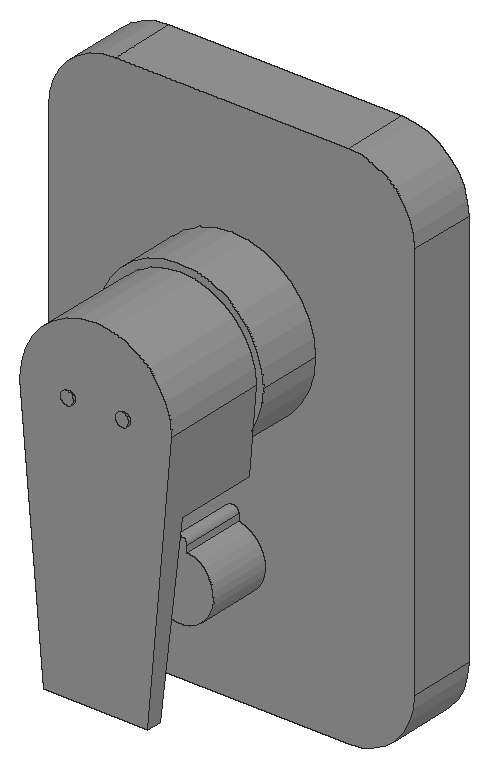
Revit family "Kohler Pich K-74041IN-4FP-CP Family", category Plumbing Fixtures, Revit 2019
Family settings
  Round Connector Dimension = Use Diameter
  Part Type = Normal
  Work Plane-Based = Yes
  Always vertical = Yes
  Cut with Voids When Loaded = No
  Shared = No
  Room Calculation Point = No
Parameters (values of type "Kohler Pich K-74041IN-4FP-CP")
  Width = 110 mm
  URL = "www.africa.kohler.com"
  Thickness = 71 mm
  Telephone = "011 050 9000"  # constant formula
  Model = "Kohler Pich K-74041IN-4FP-CP"  # constant formula
  Material 3 = Blue
  Material 2 = Red
  Material = Chrome
  Manufacturer = "Kohler Co."  # constant formula
  Height = 160 mm
  Email = "contact.africa@kohler.com"  # constant formula
  Disclaimer = "Although care has been taken to ensure, to the best of our knowledge, that all data and information contained herein is accurate to the extent that it relates to either matters of fact or accepted practice at the time of issue. MDFC (Pty) Ltd assumes no responsibility for any errors in, or misinterpretation of, such data and/ or information or any loss or damage arising from, or related to its use."  # constant formula
  Default Elevation = 1219.2 mm
  Company Address = "Block C Unit 2, Coachman’s Crossing Office Park, 4 Brian St, Lyme Park, Johannesburg, 2191"  # constant formula
Reference planes
  plane 1 "Center (Front/Back)": y = 0
  plane 2: z = 0
  plane 3 "Center (Left/Right)": x = 0
  plane 4: y = -71
Forms (mm)
  Extrusion 1, solid, material "Chrome" <- "Material"
    sketch origin (0, 0, 0) x (1, 0, 0) y (0, 0, 1)
      loop
        arc (95.953, 94.667) -> (101.811, 80.525) -> (115.953, 74.667) r 20
        line (115.953, 74.667) -> (185.953, 74.667)
        arc (185.953, 74.667) -> (200.095, 80.525) -> (205.953, 94.667) r 20
        line (205.953, 94.667) -> (205.953, 214.667)
        arc (205.953, 214.667) -> (200.095, 228.809) -> (185.953, 234.667) r 20
        line (185.953, 234.667) -> (115.953, 234.667)
        arc (115.953, 234.667) -> (101.811, 228.809) -> (95.953, 214.667) r 20
        line (95.953, 214.667) -> (95.953, 94.667)
    from 0 to 20
  Extrusion 2, solid, material "Chrome" <- "Material"
    sketch origin (0, 0, 0) x (1, 0, 0) y (0, 0, 1)
      loop
        circle (150.953, 175.083) r 25
    from 20 to 39.423
  Extrusion 3, solid, material "Chrome" <- "Material"
    sketch origin (0, 0, 0) x (1, 0, 0) y (0, 0, 1)
      loop
        arc (173.736, 175.083) -> (150.953, 197.867) -> (128.17, 175.083) r 22.783
        line (128.17, 175.083) -> (135.256, 94.083) -> (166.65, 94.083) -> (173.736, 175.083)
    from 39.423 to 71
  Extrusion 4, void
    sketch origin (0, 0, 0) x (0, 1, 0) y (0, 0, 1)
      loop
        line (-34.618, 149.893) -> (-64.564, 149.893) -> (-66.809, 85.626) -> (-34.618, 85.626) -> (-34.618, 149.893)
    from 0 to 242.506
  Extrusion 5, solid, material "Chrome" <- "Material"
    sketch origin (0, 0, 0) x (1, 0, 0) y (0, 0, 1)
      loop
        arc (148.896, 123.112) -> (150.953, 103.326) -> (153.01, 123.112) r 10
        line (153.01, 123.112) -> (153.01, 124.888)
        arc (153.01, 124.888) -> (150.953, 126.945) -> (148.896, 124.888) r 2.057
        line (148.896, 124.888) -> (148.896, 123.112)
    from 20 to 39.423
  Extrusion 6, solid, material "Red" <- "Material 2"
    sketch origin (0, 0, 0) x (1, 0, 0) y (0, 0, 1)
      loop
        circle (142.685, 175.083) r 1.981
    from 55.887 to 71.52
  Extrusion 7, solid, material "Blue" <- "Material 3"
    sketch origin (0, 0, 0) x (1, 0, 0) y (0, 0, 1)
      loop
        circle (159.221, 175.083) r 1.981
    from 55.887 to 71.52
Cuts and joins
  Extrusion 4 cuts Extrusion 3
Dimensions and locks
  "Width": Extrusion 1 to Extrusion 1
  "Height": Extrusion 1 to Extrusion 1
  "Thickness": plane 4 to plane 1 "Center (Front/Back)"
  aligned and locked: level to plane 2
  aligned and locked: Extrusion 2 to Extrusion 1
  aligned and locked: Extrusion 3 to Extrusion 2
  aligned and locked: Extrusion 5 to Extrusion 1
  aligned and locked: Extrusion 7 to Extrusion 6
Automatic sketch dimensions
  plane 3 "Center (Left/Right)" to Extrusion 1 sketch curve = 95.953 mm
  Extrusion 1 sketch curve to Extrusion 1 sketch curve = 20 mm  (x3)
  Extrusion 1 sketch curve to Extrusion 1 sketch curve = 70 mm  (x2)
  level to Extrusion 1 sketch curve = 74.667 mm
  Extrusion 1 sketch curve to Extrusion 1 sketch curve = 120 mm
  plane 3 "Center (Left/Right)" to Extrusion 2 sketch curve = 150.953 mm
  level to Extrusion 2 sketch curve = 175.083 mm
  plane 3 "Center (Left/Right)" to Extrusion 3 sketch curve = 135.256 mm
  Extrusion 3 sketch curve to Extrusion 3 sketch curve = 15.697 mm
  Extrusion 3 sketch curve to Extrusion 3 sketch curve = 31.394 mm
  Extrusion 3 sketch curve to Extrusion 3 sketch curve = 22.783 mm
  level to Extrusion 3 sketch curve = 94.083 mm
  Extrusion 3 sketch curve to Extrusion 3 sketch curve = 81 mm
  Extrusion 3 sketch curve to Extrusion 3 sketch curve = 0 mm
  Extrusion 4 sketch curve to plane 4 = 4.191 mm
  Extrusion 4 sketch curve to plane 4 = 6.436 mm
  Extrusion 4 sketch curve to Extrusion 4 sketch curve = 32.191 mm
  level to Extrusion 4 sketch curve = 85.626 mm
  Extrusion 4 sketch curve to Extrusion 4 sketch curve = 64.267 mm
  plane 3 "Center (Left/Right)" to Extrusion 5 sketch curve = 150.953 mm
  Extrusion 5 sketch curve to Extrusion 5 sketch curve = 0 mm
  level to Extrusion 5 sketch curve = 113.326 mm
  Extrusion 5 sketch curve to Extrusion 5 sketch curve = 11.562 mm
  Extrusion 5 sketch curve to Extrusion 5 sketch curve = 1.776 mm  (x2)
  Extrusion 5 sketch curve to Extrusion 5 sketch curve = 2.057 mm
  plane 3 "Center (Left/Right)" to Extrusion 6 sketch curve = 142.685 mm
  level to Extrusion 6 sketch curve = 175.083 mm
  Extrusion 7 sketch curve to Extrusion 7 sketch curve = 1.981 mm
  Extrusion 7 sketch curve to Extrusion 7 sketch curve = 0 mm  (x2)
  plane 3 "Center (Left/Right)" to Extrusion 7 sketch curve = 159.221 mm
  level to Extrusion 7 sketch curve = 175.083 mm
  radius of Extrusion 2 sketch curve = 25 mm
  radius of Extrusion 6 sketch curve = 1.981 mm
